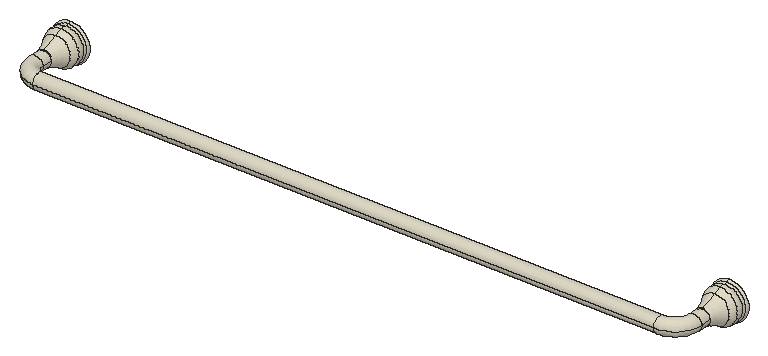
Revit family "Reece_Accessory_Milli_Monument Edit_Single Towel Rail", category Plumbing Fixtures, Revit 2018
Family settings
  Round Connector Dimension = Use Diameter
  Part Type = Normal
  Work Plane-Based = Yes
  Always vertical = Yes
  Cut with Voids When Loaded = Yes
  Shared = Yes
  Room Calculation Point = Yes
Parameters (values of type "750 mm_Chrome")
  URL = "https://www.reece.com.au/product/-2265384"
  Type Comments = "Accessory"
  Reece_Product_Web Page = "https://www.reece.com.au/product/-2265384"
  Reece_Product_Type = "Accessory"  # constant formula
  Reece_Product_Sub Brand = "Monument Edit"  # constant formula
  Reece_Product_Number = "2265384"
  Reece_Product_Mount = "Wall Mounted"
  Reece_Product_Description = "Milli Monument Edit Single Towel Rail 900mm Polished Brass Gold"
  Reece_Product_Brand = "Milli"  # constant formula
  Reece_Overall_Width = 95 mm  # constant formula
  Reece_Overall_Length = 900 mm
  Reece_Overall_Height = 50 mm  # constant formula
  Reece_Material_Main = Reece_Brass_Gold
  Reece_Height_From_Level [instance] = 1000 mm
  Reece_Detail_Installation = "Wall Mounted"  # constant formula
  Reece_Detail_Disclaimer = "THIS FILE IS THE PROPERTY OF THE REECE GROUP. IT MAY NOT BE REPRODUCED, REVERSE-ENGINEERED, OR MODIFIED. ANY REPUBLICATION, TRANSMISSION, OR DISTRIBUTION FOR THE PURPOSE OF COMMERCIALLY EXPLOITING THE FILES IS PROHIBITED."  # constant formula
  Reece_Detail_Additional = "Single Towel Rail"  # constant formula
  Model = "Monument Edit"
  Manufacturer = "Milli"
  Keynote = "Product #2265384, Reece_Accessory_Milli_Monument Edit_Single Towel Rail - 900 mm_Brass Gold"
  Disclaimer = "THIS FILE IS THE PROPERTY OF THE REECE GROUP. IT MAY NOT BE REPRODUCED, REVERSE-ENGINEERED, OR MODIFIED. ANY REPUBLICATION, TRANSMISSION, OR DISTRIBUTION FOR THE PURPOSE OF COMMERCIALLY EXPLOITING THE FILES IS PROHIBITED."  # constant formula
  Description = "Milli Monument Edit Single Towel Rail 900mm Polished Brass Gold"
  Default Elevation = 0 mm
Types (10, lengths in mm): name | URL | Reece_Product_Web Page | Reece_Product_Number | Reece_Product_Description | Reece_Overall_Length | Reece_Material_Main | Keynote | Description
  750 mm_Chrome | "https://www.reece.com.au/product/-2265322" | "https://www.reece.com.au/product/-2265322" | "2265322" | "Milli Monument Edit Single Towel Rail 750mm Chrome" | 750 | Reece_Brass_Chrome | "Product #2265322, Reece_Accessory_Milli_Monument Edit_Single Towel Rail - 750 mm_Chrome" | "Milli Monument Edit Single Towel Rail 750mm Chrome"
  750 mm_Matte Black | "https://www.reece.com.au/product/-2265444" | "https://www.reece.com.au/product/-2265444" | "2265444" | "Milli Monument Edit Single Towel Rail 750mm Matte Black" | 750 | Reece_Brass_Matte Black | "Product #2265444, Reece_Accessory_Milli_Monument Edit_Single Towel Rail - 750 mm_Matte Black" | "Milli Monument Edit Single Towel Rail 750mm Matte Black"
  750 mm_Brushed Gunmetal | "https://www.reece.com.au/product/-2265566" | "https://www.reece.com.au/product/-2265566" | "2265566" | "Milli Monument Edit Single Towel Rail 750mm Brushed Gunmetal" | 750 | Reece_Brass_Brushed Gunmetal | "Product #2265566, Reece_Accessory_Milli_Monument Edit_Single Towel Rail - 750 mm_Brushed Gunmetal" | "Milli Monument Edit Single Towel Rail 750mm Brushed Gunmetal"
  750 mm_Brushed Nickel | "https://www.reece.com.au/product/-2265505" | "https://www.reece.com.au/product/-2265505" | "2265505" | "Milli Monument Edit Single Towel Rail 750mm Brushed Nickel" | 750 | Reece_Brass_Brushed Nickel | "Product #2265505, Reece_Accessory_Milli_Monument Edit_Single Towel Rail - 750 mm_Brushed Nickel" | "Milli Monument Edit Single Towel Rail 750mm Brushed Nickel"
  900 mm_Brushed Gunmetal | "https://www.reece.com.au/product/-2265567" | "https://www.reece.com.au/product/-2265567" | "2265567" | "Milli Monument Edit Single Towel Rail 900mm Brushed Gunmetal" | 900 | Reece_Brass_Brushed Gunmetal | "Product #2265567, Reece_Accessory_Milli_Monument Edit_Single Towel Rail - 900 mm_Brushed Gunmetal" | "Milli Monument Edit Single Towel Rail 900mm Brushed Gunmetal"
  900 mm_Brushed Nickel | "https://www.reece.com.au/product/-2265506" | "https://www.reece.com.au/product/-2265506" | "2265506" | "Milli Monument Edit Single Towel Rail 900mm Brushed Nickel" | 900 | Reece_Brass_Brushed Nickel | "Product #2265506, Reece_Accessory_Milli_Monument Edit_Single Towel Rail - 900 mm_Brushed Nickel" | "Milli Monument Edit Single Towel Rail 900mm Brushed Nickel"
  900 mm_Chrome | "https://www.reece.com.au/product/-2265323" | "https://www.reece.com.au/product/-2265323" | "2265323" | "Milli Monument Edit Single Towel Rail 900mm Chrome" | 900 | Reece_Brass_Chrome | "Product #2265323, Reece_Accessory_Milli_Monument Edit_Single Towel Rail - 900 mm_Chrome" | "Milli Monument Edit Single Towel Rail 900mm Chrome"
  900 mm_Matte Black | "https://www.reece.com.au/product/-2265445" | "https://www.reece.com.au/product/-2265445" | "2265445" | "Milli Monument Edit Single Towel Rail 900mm Matte Black" | 900 | Reece_Brass_Matte Black | "Product #2265445, Reece_Accessory_Milli_Monument Edit_Single Towel Rail - 900 mm_Matte Black" | "Milli Monument Edit Single Towel Rail 900mm Matte Black"
  750 mm_Brushed Gold | "https://www.reece.com.au/product/-2266255" | "https://www.reece.com.au/product/-2266255" | "2266255" | "Milli Monument Edit Single Towel Rail 750mm Brushed Gold" | 750 | Reece_Brass_Brushed Gold | "Product #2266255, Reece_Accessory_Milli_Monument Edit_Single Towel Rail - 750 mm_Brushed Gold" | "Milli Monument Edit Single Towel Rail 750mm Brushed Gold"
  900 mm_Brushed Gold | "https://www.reece.com.au/product/-2266256" | "https://www.reece.com.au/product/-2266256" | "2266256" | "Milli Monument Edit Single Towel Rail 900mm Brushed Gold" | 900 | Reece_Brass_Brushed Gold | "Product #2266256, Reece_Accessory_Milli_Monument Edit_Single Towel Rail - 900 mm_Brushed Gold" | "Milli Monument Edit Single Towel Rail 900mm Brushed Gold"
Reference planes
  plane 1 "Center (Front/Back)": y = 0
  plane 2 "Bottom Host Plane": z = -5
  plane 3 "Center (Left/Right)": x = 0
  plane 4 "Height From Floor": z = 1000
  plane 5 "Top": z = 1025.524
  plane 6 "Bottom": z = 975.524
  plane 7: x = 450
  plane 8: x = -450
  plane 9: y = -95
  plane 10: x = -440
  plane 11: x = 440
Forms (mm)
  Sweep 1, solid, material "Reece_Brass_Gold" <- "Reece_Material_Main"
    path origin (0, 0, 1000) x (-1, 0, 0) y (0, -1, 0)
      loop
        line (450, 44.796) -> (450, 59.5)
        arc (450, 59.5) -> (439.602, 84.602) -> (414.5, 95) r 35.5
        line (414.5, 95) -> (-414.5, 95)
        arc (-414.5, 95) -> (-439.602, 84.602) -> (-450, 59.5) r 35.5
        line (-450, 59.5) -> (-450, 44.796)
    profile origin (-450, -52.148, 1000) x (1, 0, 0) y (0, 0, 1)
      loop
        circle (10, 0) r 10
  Revolve 2, solid, material "Reece_Brass_Gold" <- "Reece_Material_Main"
    sketch origin (-440, 0, 769.968) x (0, 0, 1) y (0, -1, 0)
      loop
        line (230.032, 0) -> (230.032, 45.296) -> (219.354, 45.296)
        arc (219.354, 45.296) -> (216.516, 34.405) -> (211.275, 24.445) r 49.173
        arc (211.275, 24.445) -> (208.888, 20.265) -> (207.201, 15.757) r 30
        arc (207.201, 15.757) -> (206.754, 11.232) -> (207.926, 6.838) r 12.736
        spline (207.926, 6.838) -> (208.024, 6.615) -> (207.936, 6.366) -> (207.728, 6.092) -> (207.462, 5.792) -> (207.201, 5.466) -> (207.01, 5.113) -> (206.934, 4.737) -> (206.941, 4.356) -> (206.98, 3.994) -> (206.998, 3.672) -> (206.945, 3.415) -> (206.767, 3.244)
        arc (206.767, 3.244) -> (205.39, 1.898) -> (205.065, 0) r 3.12
        line (205.065, 0) -> (230.032, 0)
      axis (230.032, 45.296) -> (230.032, 0)
    angle from 0 to 360
  Revolve 3, solid, material "Reece_Brass_Gold" <- "Reece_Material_Main"
    sketch origin (440, 0, 769.968) x (0, 0, 1) y (0, 1, 0)
      loop
        line (230.032, 0) -> (205.065, 0)
        arc (205.065, 0) -> (205.39, -1.898) -> (206.767, -3.244) r 3.12
        spline (206.767, -3.244) -> (206.945, -3.415) -> (206.998, -3.672) -> (206.98, -3.994) -> (206.941, -4.356) -> (206.934, -4.737) -> (207.01, -5.113) -> (207.201, -5.466) -> (207.462, -5.792) -> (207.728, -6.092) -> (207.936, -6.366) -> (208.024, -6.615) -> (207.926, -6.838)
        arc (207.926, -6.838) -> (206.754, -11.232) -> (207.201, -15.757) r 12.736
        arc (207.201, -15.757) -> (208.888, -20.265) -> (211.275, -24.445) r 30
        arc (211.275, -24.445) -> (216.516, -34.405) -> (219.354, -45.296) r 49.173
        line (219.354, -45.296) -> (230.032, -45.296) -> (230.032, 0)
      axis (230.032, -45.296) -> (230.032, 0)
    angle from 0 to 360
Cuts and joins
  joined: Sweep 1, Revolve 2, Revolve 3
Lines and regions (mm)
  model lines, style "InvisibleLines"
    curve 1: line (0, 0, -5) -> (0, 0, 1000)
Text (mm)
  text "Reece ©" at (2668.853, -2395.367, 2952.593), in view "Reece Preview"
  text "Reece Copyright © 2018, Reece Ltd." at (-247.475, -190.626, 0), in view "Ref. Level"
Dimensions and locks
  plane 2 "Bottom Host Plane" to level = 5 mm
  locked: level to plane 2 "Bottom Host Plane" at 5
  "Reece_Height_From_Level": plane 4 "Height From Floor" to level
  "Reece_Overall_Height": plane 5 "Top" to plane 6 "Bottom"
  equal spacing: plane 8, plane 3 "Center (Left/Right)", plane 7
  "Reece_Overall_Length": plane 8 to plane 7
  locked: plane 5 "Top" to plane 4 "Height From Floor" at 25.524
  locked: plane 8 to plane 10 at 10
  locked: plane 11 to plane 7 at 10
  aligned and locked: plane 2 "Bottom Host Plane" to curve 1
  aligned and locked: plane 4 "Height From Floor" to curve 1
  aligned and locked: plane 8 to Sweep 1 sketch curve
  aligned and locked: Sweep 1 sketch curve to plane 9
  aligned and locked: plane 10 to cut or joined group of Sweep 1, Revolve 2, Revolve 3
  aligned and locked: plane 11 to cut or joined group of Sweep 1, Revolve 2, Revolve 3
Automatic sketch dimensions
  curve 1 to plane 3 "Center (Left/Right)" = 0 mm
  Sweep 1 sketch curve to profile plane = 0 mm
  Sweep 1 sketch curve to profile plane = 10 mm
  Revolve 2 sketch curve to plane 1 "Center (Front/Back)" = 0 mm
  Revolve 2 sketch curve to plane 4 "Height From Floor" = 0 mm  (x2)
  Revolve 2 sketch curve to plane 4 "Height From Floor" = 10.584 mm
  plane 1 "Center (Front/Back)" to Revolve 2 sketch curve = 0.448 mm
  Revolve 2 sketch curve to plane 6 "Bottom" = 2.596 mm
  Revolve 2 sketch curve to plane 6 "Bottom" = 2.369 mm
  Revolve 2 sketch curve to plane 6 "Bottom" = 1.21 mm
  plane 6 "Bottom" to Revolve 2 sketch curve = 0.492 mm
  plane 6 "Bottom" to Revolve 2 sketch curve = 34.892 mm
  plane 4 "Height From Floor" to Revolve 2 sketch curve = 6.018 mm
  Revolve 2 sketch curve to Revolve 2 sketch curve = 3.594 mm
  plane 1 "Center (Front/Back)" to Revolve 2 sketch curve = 7.529 mm
  plane 1 "Center (Front/Back)" to Revolve 2 sketch curve = 12.264 mm
  plane 9 to Revolve 2 sketch curve = 42.828 mm
  Revolve 2 sketch curve to plane 6 "Bottom" = 5.718 mm
  Revolve 2 sketch curve to Revolve 2 sketch curve = 0 mm  (x3)
  Revolve 2 sketch curve to plane 6 "Bottom" = 1.644 mm
  Revolve 2 sketch curve to Revolve 2 sketch curve = 1301.51 mm
  Revolve 3 sketch curve to plane 1 "Center (Front/Back)" = 0 mm
  Revolve 3 sketch curve to plane 4 "Height From Floor" = 0 mm  (x2)
  Revolve 3 sketch curve to plane 4 "Height From Floor" = 10.678 mm
  Revolve 3 sketch curve to plane 4 "Height From Floor" = 10.584 mm
  plane 1 "Center (Front/Back)" to Revolve 3 sketch curve = 0.448 mm
  Revolve 3 sketch curve to plane 6 "Bottom" = 2.596 mm
  Revolve 3 sketch curve to plane 6 "Bottom" = 2.369 mm
  Revolve 3 sketch curve to plane 6 "Bottom" = 1.21 mm
  plane 6 "Bottom" to Revolve 3 sketch curve = 0.492 mm
  plane 6 "Bottom" to Revolve 3 sketch curve = 34.892 mm
  plane 4 "Height From Floor" to Revolve 3 sketch curve = 6.018 mm
  Revolve 3 sketch curve to Revolve 3 sketch curve = 3.594 mm
  plane 1 "Center (Front/Back)" to Revolve 3 sketch curve = 7.529 mm
  plane 1 "Center (Front/Back)" to Revolve 3 sketch curve = 12.264 mm
  plane 9 to Revolve 3 sketch curve = 42.828 mm
  Revolve 3 sketch curve to plane 6 "Bottom" = 5.718 mm
  Revolve 3 sketch curve to Revolve 3 sketch curve = 0 mm  (x3)
  Revolve 3 sketch curve to plane 6 "Bottom" = 1.644 mm
  Revolve 3 sketch curve to Revolve 3 sketch curve = 1301.51 mm
  Revolve 3 sketch curve to Revolve 3 sketch curve = 20.851 mm
  Revolve 2 sketch curve to Revolve 2 sketch curve = 20.851 mm
  Revolve 2 sketch curve to plane 4 "Height From Floor" = 10.678 mm
  Revolve 2 sketch curve to plane 9 = 793.756 mm
  Revolve 3 sketch curve to plane 9 = 793.756 mm
  Sweep 1 sketch curve to plane 7 = 0 mm
  Sweep 1 sketch curve to plane 11 = 25.5 mm
  Sweep 1 sketch curve to plane 10 = 25.5 mm
  Sweep 1 sketch curve to Sweep 1 sketch curve = 14.704 mm  (x2)
  radius of Sweep 1 sketch curve = 10 mm
